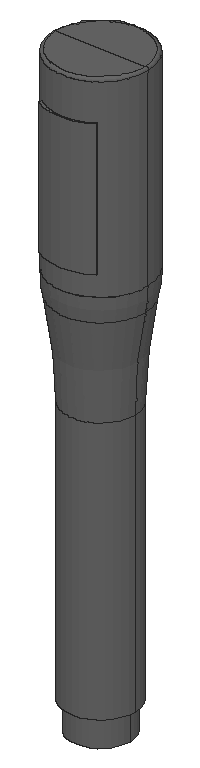
Revit family "Grohe_HandShower_EuphoriaCosmopolitan_22126KF0", category Plumbing Fixtures, host Face, Revit 2020
Family settings
  Host = Face
  Round Connector Dimension = Use Diameter
  Part Type = Normal
  OmniClass Number = 23.45.05.00
  OmniClass Title = Sanitary Equipment
  Cut with Voids When Loaded = No
  Shared = No
  Room Calculation Point = No
Parameters (values of type "EUPHORIA COSMOPOLITAN Hand Shower (22126KF0)")
  _ObjectUserGuide = "https://www.bimstore.co/products/grohe-22126KF0/document/object-user-guide"
  _DistributedBy = "https://www.bimstore.co/"
  _CurrentRevision = 1
  _CreatedBy = "https://www.bimstore.co/"
  _BimSpecGuid = 0
  _BSBibleVersion = 17
  _AuthorizedBy = "bimstore"
  _Author = "AM 147"
  Waste Connection = no
  WarrantyStartDate [instance] = "Please Record On Commissioning."
  WarrantyGuarantorParts = "info-uk@grohe.com"
  WarrantyGuarantorLabor = "info-uk@grohe.com"
  WarrantyDurationUnit = "Years"
  WarrantyDurationParts = "0"
  WarrantyDurationLabor = "0"
  WarrantyDescription = "n/a"
  Vent Connection = no
  URL = "https://www.grohe.co.uk/"
  TypeName = "EUPHORIA COSMOPOLITAN Hand Shower"
  Type Comments = "EUPHORIA COSMOPOLITAN Hand Shower"
  TPIDocumentLink = "n/a"
  SustainabilityReport = "green.grohe.com/reporting"
  SustainabilityAward = "green.grohe.com/awards"
  SpareParts = "info-uk@grohe.com"
  Size = "n/a"
  Shape = "n/a"
  SerialNumber [instance] = "Please Record On Commissioning."
  ReplacementCost = "n/a"
  ReferencedStandard = "n/a"
  ProductionYear = "2023"
  ProductType = "Single Shower"
  ProductShortText = "Euphoria Cosmopolitan Hand shower 1 spray"
  ProductPageURL = "https://www.grohe.co.uk/en_gb/-22126KF0.html"
  ProductNumber = "22126KF0"
  ProductDescription = "Normal spray\r\n\r\nGROHE Water Saving 9.5 l/min flow limiter\r\n\r\nGROHE Long-Life Shine finish\r\n\r\nSpeedClean anti-limescale system\r\n\r\nInner WaterGuide for a longer life\r\n\r\nuniversal mounting system, fitting all standard shower hoses\r\n\r\nsuitable for instantaneous heater\r\n\r\nmin. recommended pressure 1.0 bar"
  PrimaryMaterial = Grohe_MattBlack
  PQDiagramLink = "https://cdn.cloud.grohe.com/PQCharts/lores/2/221/original/22126KF0-pqchart-en_GB.svg"
  NominalLength = 0.0 mm
  NominalHeight = 0.0 mm
  NominalDepth = 0.0 mm
  NBSReference = "45-35-70/333"
  NBSOfficeMasterTag = "n/a"
  NBSObjectName = "Grohe - Shower heads"
  NBSNote = "n/a"
  NBSDescription = "Shower heads"
  ModelReference = "EUPHORIA COSMOPOLITAN Hand Shower"
  ModelNumber = "22126KF0"
  Model = "EUPHORIA COSMOPOLITAN Hand Shower"
  Material = "n/a"
  ManufacturerName = "Grohe"
  Manufacturer = "Grohe"
  Keynote = "N13"
  InstallationDate [instance] = "Please Record On Commissioning."
  IfcExportType = "IfcPipeFittingType"
  IfcExportAs = "IfcPipeFitting"
  HW Connection = no
  Grade = "n/a"
  GROHESustainability = "green.grohe.com"
  GROHESocialCommittment = "green.grohe.com/social_engagement"
  FullRecyclabilityOfPlastic = "All plastic components are fully recyclable"
  Finish = "n/a"
  Features = "n/a"
  ExpectedLife = 0
  Ecojoy = no
  EF025094 = "0"
  EF025080 = "TRUE"
  EF024050 = "FALSE"
  EF023686 = "not applicable"
  EF023440 = "FALSE"
  EF022337 = "FALSE"
  EF022224 = "FALSE"
  EF022042 = "Z"
  EF021042 = "FALSE"
  EF021041 = "0"
  EF021040 = "1"
  EF021039 = "TRUE"
  EF021038 = "8.00"
  EF015313 = "not applicable"
  EF002671 = "Other"
  EF002616 = "FALSE"
  EF002169 = "Plastic"
  EF001707 = "70 °C"
  EF000653 = "TRUE"
  DurationUnit = "Years"
  DocumentationTechnical = "https://www.bimstore.co/products/grohe-22126KF0/document/technical-data-sheet"
  DocumentationMaintenance = "https://www.bimstore.co/products/grohe-22126KF0/document/maintenance-information"
  DocumentationLiterature = "https://www.bimstore.co/products/grohe-22126KF0/document/product-literature"
  DocumentationInstallationGuide = "https://www.bimstore.co/products/grohe-22126KF0/document/installation-guide"
  DocumentationCertificates = "https://www.bimstore.co/products/grohe-22126KF0/document/product-certificates"
  DimensionsDocumentLink = "https://cdn.cloud.grohe.com/dimdraw/1000/1800/1890/1896/1896144/1280/1896144.jpg"
  Description = "EUPHORIA COSMOPOLITAN Hand Shower"
  Default Elevation = 0.0 mm
  CreatedOn = "2023-03-01T09:00:00"
  CreatedBy = "info-uk@grohe.com"
  CradleToCradleCertification = "n/a"
  Cost = 0
  Constituents = "n/a"
  Color = "Matt Black"
  CodePerformance = "n/a"
  ClassificationValue = "Pr_40_20_87_76"
  ClassificationName = "Uniclass2015"
  CW Connection = no
  CO2NeutralProduction = "GROHE is one of the first leading manufacturer within the sanitary industry having a CO2-neutral production."
  BarCode [instance] = "Please Record On Commissioning."
  BIMObjectName = "Grohe_HandShower_EuphoriaCosmopolitan_22126KF0"
  AssetType = "Fixed"
  AssetIdentifier [instance] = "n/a"
  Assembly Code = "D2010"
  AccessibilityPerformance = "n/a"
Reference planes
  plane 1 "Center (Front/Back)": y = 0
  plane 2: z = 0
  plane 3 "Center (Left/Right)": x = 0
Forms (mm)
  Revolve 1, solid, material "Grohe_MattBlack" <- "PrimaryMaterial", detail levels medium+fine
    sketch origin (0, 0, 0) x (1, 0, 0) y (0, 0, 1)
      loop
        line (-12.31, 0) -> (0, 0) -> (0, 205) -> (-15.764, 205)
        arc (-15.764, 205) -> (-16.471, 204.707) -> (-16.764, 204) r 1
        line (-16.764, 204) -> (-16.764, 135.924)
        arc (-16.764, 135.924) -> (-16.536, 131.605) -> (-15.856, 127.333) r 41.091
        arc (-15.856, 127.333) -> (-13.199, 110.654) -> (-12.31, 93.789) r 160.436
        line (-12.31, 93.789) -> (-12.31, 0)
      axis (0, 0) -> (0, 205)
    angle from 0 to 360
  Revolve 2, solid, material "Grohe_MattBlack" <- "PrimaryMaterial", detail levels medium+fine
    sketch origin (0, 0, 0) x (0, 1, 0) y (0, 0, 1)
      loop
        line (-17.609, 191.164) -> (-17.609, 143.634) -> (-16.8, 143.634) -> (-16.8, 191.164) -> (-17.609, 191.164)
      axis (0, 143.634) -> (0, 191.164)
    angle from -35 to 35
  Revolve 3, solid, material "Grohe_MattBlack" <- "PrimaryMaterial", detail levels medium+fine
    sketch origin (0, 0, 0) x (1, 0, 0) y (0, 0, 1)
      loop
        line (0, -10) -> (0, 0) -> (-10.48, 0) -> (-10.48, -10) -> (0, -10)
      axis (0, 0) -> (0, -10)
    angle from 0 to 360
  Revolve 4, solid, material "Grohe_MattBlack" <- "PrimaryMaterial", detail levels coarse
    sketch origin (0, 0, 0) x (1, 0, 0) y (0, 0, 1)
      loop
        line (-16.764, 0) -> (-10.48, 0) -> (-10.48, -10) -> (0, -10) -> (0, 205) -> (-16.764, 205) -> (-16.764, 0)
      axis (0, -10) -> (0, 205)
    angle from 0 to 360
Dimensions and locks
  aligned and locked: plane 2 to host face
  aligned and locked: level to host face
